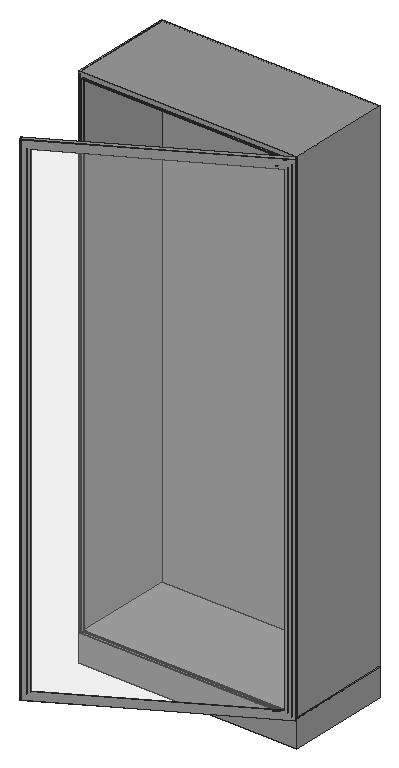
Revit family "Hager-Univers-IP55-D400-H1950-Cl.I-Steel_encl-NoHosted-CH-fr", category Electrical Equipment, Revit 2020
Family settings
  Panel Configuration = Two Columns, Circuits Across
  Round Connector Dimension = Use Diameter
  Part Type = Panelboard
  Work Plane-Based = Yes
  Always vertical = Yes
  Cut with Voids When Loaded = No
  Shared = No
  Room Calculation Point = No
Parameters (values of type "installation au sol IP55 L800 H1950 P400  - FR23V1")
  Width Control [instance] = if([EF000008 - largeur] > Min Width, [EF000008 - largeur], Min Width)  # 800 mm
  Type Comments = [HG000003 - Gamme]  # "Univers"
  Thickness Door [instance] = if([EF009171 - épaisseur de matériau de la porte/du couvercle] > 3 mm, 3 mm, [EF009171 - épaisseur de matériau de la porte/du couvercle])  # 1.5 mm
  Seal Frame Offset [instance] = 17 mm  # constant formula
  Plinth Visibility [instance] = [HG000027 - Hauteur du socle] > 0 mm  # yes
  Min Width [instance] = 100 mm  # constant formula
  Min Depth [instance] = (2 * [EF009170 - épaisseur de matériau du boîtier]) + 1 mm  # 4 mm
  Min Height [instance] = 100 mm  # constant formula
  Internal Frame Depth [instance] = (Door System Depth * 0.5)  # 9 mm
  Panel Name [instance] = ""  # (empty or 0)
  Model = ""
  HG000027 - Hauteur du socle = 100 mm
  HG000026 - Installation au sol = yes
  HG000024 - Hauteur de la section basse = 600 mm
  HG000023 - Armoire double section = no
  HG000016 - Visibilité de la porte 3D [instance] = yes
  HG000015 - Visibilité de l'emprise de la porte [instance] = no
  HG000014 - Porte à droite [instance] = yes
  HG000013 - Porte à gauche [instance] = not([HG000014 - Porte à droite])  # no
  HG000012 - Angle de pivotement de la porte [instance] = 30.00°
  HG000010 - Portes asymétriques = no
  HG000009 - Porte à double battant = no
  HG000006 - Encastré = no
  HG000004 - Référence fabricant = "FR23V1"
  HG000003 - Gamme = "Univers"
  HG000002 - avec porte = yes
  Frame Offset Bottom [instance] = 10 mm  # constant formula
  Frame Offset [instance] = 15 mm  # constant formula
  EF015940 - couvercle avec décharge de pression = no
  EF011959 - degré de protection (NEMA) = ""
  EF009554 - nombre d'ouvertures pour plaques à bride = 6
  EF009212 - finition du couvercle = "EV000116 - fermé"
  EF009171 - épaisseur de matériau de la porte/du couvercle = 1.5 mm
  EF009170 - épaisseur de matériau du boîtier = 1.5 mm
  EF008873 - courant nominal (In) = 800 A
  EF007800 - adapté à un parafoudre = no
  EF006306 - avec serrure = no
  EF006244 - couvercle/porte transparent(e) = yes
  EF005474 - indice de protection (IP) = "EV006420 - IP55"
  EF004464 - type de porte = "EV002646 - unique"
  EF004427 - nombre de modules = 432
  EF004293 - indice de protection contre les chocs (IK) = "EV008784 - IK10"
  EF003532 - convient pour utilisation à l’extérieur = no
  EF002950 - largeur en nombre de modules = 24
  EF001613 - maintien de fonction = "EV000494 - sans"
  EF001596 - matériau du boîtier/corps = "EV000179 - acier"
  EF001131 - profondeur intérieure = 400 mm
  EF001088 - possibilité de montage en saillie = yes
  EF000437 - nombre d'entrées de conduit = 6
  EF000339 - type de capot = "EV004216 - porte"
  EF000266 - nombre de rangées = 12
  EF000218 - profondeur d'encastrement = 0 mm
  EF000118 - avec cadre/support de montage = no
  EF000116 - numéro RAL = "7035"
  EF000049 - profondeur = 400 mm
  EF000040 - hauteur = 1950 mm
  EF000008 - largeur = 800 mm
  EF000007 - couleur = "EV000270 - gris"
  EF000003 - mode de pose = "EV012274 - installation au sol"
  Door System Leaf Tolerance [instance] = 1.5 mm  # constant formula
  Door System Depth [instance] = 18 mm  # constant formula
  Door Height [instance] = Height Control - [HG000027 - Hauteur du socle]  # 1850 mm
  Description = ""
  Default Elevation = 1219.2 mm
  Connector Offset [instance] = Height Control / 2  # 975 mm
  Manufacturer = "Hager"  # constant formula
  Height Control [instance] = if([EF000040 - hauteur] > Min Height, [EF000040 - hauteur], Min Height)  # 1950 mm
  Depth Control [instance] = if([EF000049 - profondeur] > Min Depth, [EF000049 - profondeur], Min Depth)  # 400 mm
  Bottom Top Plate Trim [instance] = 1.5 mm  # constant formula
  Plinth height Ctrl [instance] = if([HG000027 - Hauteur du socle] > 0 mm, [HG000027 - Hauteur du socle], 12 mm)  # 100 mm
Types (11, lengths in mm): name | Width Control | HG000010 - Portes asymétriques | HG000009 - Porte à double battant | HG000004 - Référence fabricant | EF009554 - nombre d'ouvertures pour plaques à bride | EF006244 - couvercle/porte transparent(e) | EF004464 - type de porte | EF004427 - nombre de modules | EF000437 - nombre d'entrées de conduit | EF000008 - largeur
  installation au sol IP55 L1050 H1950 P400  - FR24G1 | 1050 | yes | yes | "FR24G1" | 8 | no | "EV003602 - double" | 576 | 8 | 1050
  installation au sol IP55 L1050 H1950 P400  - FR24V1 | 1050 | yes | yes | "FR24V1" | 8 | yes | "EV003602 - double" | 576 | 8 | 1050
  installation au sol IP55 L1300 H1950 P400  - FR25G1 | 1300 | yes | yes | "FR25G1" | 10 | no | "EV003602 - double" | 720 | 10 | 1300
  installation au sol IP55 L1300 H1950 P400  - FR25V1 | 1300 | yes | yes | "FR25V1" | 10 | yes | "EV003602 - double" | 720 | 10 | 1300
  installation au sol IP55 L1550 H1950 P400  - FR26G1 | 1550 | yes | yes | "FR26G1" | 12 | no | "EV003602 - double" | 864 | 12 | 1550
  installation au sol IP55 L1550 H1950 P400  - FR26V1 | 1550 | yes | yes | "FR26V1" | 12 | yes | "EV003602 - double" | 864 | 12 | 1550
  installation au sol IP55 L300 H1950 P400  - FR21G1 | 300 | no | no | "FR21G1" | 2 | no | "EV002646 - unique" | 144 | 2 | 300
  installation au sol IP55 L550 H1950 P400  - FR22G1 | 550 | no | no | "FR22G1" | 4 | no | "EV002646 - unique" | 288 | 4 | 550
  installation au sol IP55 L550 H1950 P400  - FR22V1 | 550 | no | no | "FR22V1" | 4 | yes | "EV002646 - unique" | 288 | 4 | 550
  installation au sol IP55 L800 H1950 P400  - FR23G1 | 800 | no | no | "FR23G1" | 6 | no | "EV002646 - unique" | 432 | 6 | 800
  installation au sol IP55 L800 H1950 P400  - FR23V1 | 800 | no | no | "FR23V1" | 6 | yes | "EV002646 - unique" | 432 | 6 | 800
Reference planes
  plane 1 "Center (Front/Back)": y = 0
  plane 2: z = 0
  plane 3 "Center (Left/Right)": x = 0
  plane 4: y = 0
  plane 5: y = 0
  plane 6: z = 0
  plane 7: x = -400
  plane 8: x = 400
  plane 9: x = 398.5
  plane 10: x = -398.5
  plane 11: z = 100
  plane 12: z = 101.5
  plane 13: y = -400
  plane 14: y = -1.5
  plane 15: x = 0
  plane 16: y = -382
  plane 17: y = -398.5
  plane 18: y = -380.5
  plane 19: x = -383.5
  plane 20: x = 383.5
  plane 21: z = 111.5
  plane 22: x = -383
  plane 23: x = 383
  plane 24: z = 100
  plane 25: z = 1950
  plane 26: z = 1950
  plane 27: z = 1933.5
  plane 28: z = 1948.5
Forms (mm)
  Extrusion 1, solid, material "Hager_Steel_RAL7035_Light_Grey", detail levels medium+fine
    sketch origin (-208.679, -4572, 100) x (-1, 0, 0) y (0, -1, 0)
      loop
        line (191.321, -4190) -> (-608.679, -4190) -> (-608.679, -4572) -> (191.321, -4572) -> (191.321, -4190)
    from 0 to 1850
  Extrusion 2, void
    sketch origin (-350.771, -400, 1219.2) x (1, 0, 0) y (0, 0, 1)
      loop
        line (-47.729, 729.3) -> (-47.729, -1117.7) -> (749.271, -1117.7) -> (749.271, 729.3) -> (-47.729, 729.3)
    from -19.5 to -398.5
  Extrusion 3, void
    sketch origin (-290.084, -382, 1219.2) x (1, 0, 0) y (0, 0, 1)
      loop
        line (-93.416, -1107.7) -> (673.584, -1107.7) -> (673.584, 714.3) -> (-93.416, 714.3) -> (-93.416, -1107.7)
    from 0 to -1.5
  Extrusion 4, solid, material "Hager_Steel_RAL7035_Light_Grey", visible <- "Plinth Visibility", detail levels medium+fine
    sketch origin (0, 0, 0) x (1, 0, 0) y (0, 1, 0)
      loop
        line (-400, 0) -> (-400, -382) -> (400, -382) -> (400, 0) -> (-400, 0)
    from 0 to 100 <- "Plinth height Ctrl"
  Extrusion 5, solid, material "Hager_Steel_RAL7035_Light_Grey", detail levels coarse
    sketch origin (0, 0, 0) x (1, 0, 0) y (0, 1, 0)
      loop
        line (-400, 0) -> (-400, -400) -> (400, -400) -> (400, 0) -> (-400, 0)
    from 0 to 1950 <- "Height Control"
  Sweep 6, void
    path in 3D
      loop
        line (-400, -382, 100) -> (400, -382, 100) -> (400, 0, 100) -> (-400, 0, 100) -> (-400, -382, 100)
    profile origin (-400, -191, 100) x (1, 0, 0) y (0, 0, 1)
      loop
        line (0, 0) -> (0, -1.5) -> (1.5, -1.5)
        arc (1.5, -1.5) -> (1.061, -0.439) -> (0, 0) r 1.5
  Extrusion 7, solid, material "Hager_Steel_RAL7035_Light_Grey", detail levels fine
    sketch origin (-400, -382, 100) x (1, 0, 0) y (0, 0, 1)
      loop
        line (16.5, 11.5) -> (783.5, 11.5) -> (783.5, 1833.5) -> (16.5, 1833.5) -> (16.5, 11.5)
      loop
        line (15, 10) -> (785, 10) -> (785, 1835) -> (15, 1835) -> (15, 10)
    from 0 to 9 <- "Internal Frame Depth"
Cuts and joins
  Extrusion 2, Extrusion 3 cuts Extrusion 1
  Sweep 6 cuts Extrusion 4
Lines and regions (mm)
  Masking region 1
    outline origin (0, 0, 0) x (1, 0, 0) y (0, 1, 0)
      loop
        line (-400, 0) -> (-400, -400) -> (400, -400) -> (400, 0) -> (-400, 0)
  Masking region 2, detail levels coarse
    outline origin (-290.084, -382, 1219.2) x (-1, 0, 0) y (0, 0, 1)
      loop
        line (-690.084, -1219.2) -> (109.916, -1219.2) -> (109.916, 730.8) -> (-690.084, 730.8) -> (-690.084, -1219.2)
  Masking region 3, detail levels coarse
    outline origin (0, 0, 0) x (0, 1, 0) y (0, 0, 1)
      loop
        line (0, 0) -> (0, 1950) -> (-400, 1950) -> (-400, 0) -> (0, 0)
  Masking region 4, visible <- "Plinth Visibility", detail levels medium+fine
    outline origin (0, 0, 0) x (0, 1, 0) y (0, 0, 1)
      loop
        line (-1.5, 100) -> (-380.5, 100)
        arc (-380.5, 100) -> (-380.939, 98.939) -> (-382, 98.5) r 1.5
        line (-382, 98.5) -> (-382, 0) -> (0, 0) -> (0, 98.5)
        arc (0, 98.5) -> (-1.061, 98.939) -> (-1.5, 100) r 1.5
  Masking region 5, detail levels medium+fine
    outline origin (0, 0, 594.038) x (0, 1, 0) y (0, 0, 1)
      loop
        line (0, -494.038) -> (0, 1355.962) -> (-382, 1355.962) -> (-382, -494.038) -> (0, -494.038)
  Masking region 6, detail levels medium+fine
    outline origin (-359.7, -382, 1211.883) x (-1, 0, 0) y (0, 0, 1)
      loop
        line (-759.7, -1111.883) -> (40.3, -1111.883) -> (40.3, 738.117) -> (-759.7, 738.117) -> (-759.7, -1111.883)
  Masking region 7, visible <- "Plinth Visibility", detail levels medium+fine
    outline origin (-320.334, -382, 1041.368) x (-1, 0, 0) y (0, 0, 1)
      loop
        line (-720.334, -1041.368) -> (79.666, -1041.368) -> (79.666, -942.868)
        arc (79.666, -942.868) -> (78.606, -942.429) -> (78.166, -941.368) r 1.5
        line (78.166, -941.368) -> (-718.834, -941.368)
        arc (-718.834, -941.368) -> (-719.273, -942.429) -> (-720.334, -942.868) r 1.5
        line (-720.334, -942.868) -> (-720.334, -1041.368)
  sketch lines
    curve 1: line (-400, 0, 100) -> (-400, -382, 100)
    curve 2: line (-400, -382, 100) -> (400, -382, 100)
    curve 3: line (400, 0, 100) -> (-400, 0, 100)
    curve 4: line (400, -382, 100) -> (400, 0, 100)
Dimensions and locks
  locked: plane 1 "Center (Front/Back)" to plane 5
  "EF009170 - épaisseur de matériau du boîtier": plane 7 to plane 10
  "EF009170 - épaisseur de matériau du boîtier": plane 8 to plane 9
  equal spacing: plane 7, plane 3 "Center (Left/Right)", plane 8
  "Width Control": plane 7 to plane 8
  "Depth Control": plane 4 to plane 13
  "EF009170 - épaisseur de matériau du boîtier": plane 4 to plane 14
  "Height Control": plane 25 to level
  "HG000027 - Hauteur du socle": plane 11 to level
  "EF009170 - épaisseur de matériau du boîtier": plane 12 to plane 11
  "EF009170 - épaisseur de matériau du boîtier": plane 17 to plane 13
  "EF009170 - épaisseur de matériau du boîtier": plane 18 to plane 16
  "Frame Offset Bottom": plane 21 to plane 12
  "Frame Offset": plane 10 to plane 19
  "Frame Offset": plane 9 to plane 20
  "Door System Depth": plane 16 to plane 13
  "Seal Frame Offset": plane 7 to plane 22
  "Seal Frame Offset": plane 8 to plane 23
  "EF009170 - épaisseur de matériau du boîtier": plane 26 to plane 28
  "Frame Offset": plane 28 to plane 27
  "Connector Offset": plane 2 to connector elem
  "Bottom Top Plate Trim": profile plane to Sweep 6 sketch curve
  "Bottom Top Plate Trim": Sweep 6 sketch curve to Sweep 6 sketch curve
  "Plinth height Ctrl": Masking region 4 sketch curve to level
  "Plinth height Ctrl": Masking region 7 sketch curve to level
  "Thickness Door": Extrusion 7 sketch curve to Extrusion 7 sketch curve  (x4)
  "Bottom Top Plate Trim": radius of Sweep 6 sketch curve
  "Bottom Top Plate Trim": radius of Masking region 4 sketch curve  (x2)
  "Bottom Top Plate Trim": radius of Masking region 7 sketch curve  (x2)
  aligned and locked: Extrusion 2 sketch curve to plane 12
  aligned and locked: Extrusion 2 sketch curve to plane 9
  aligned and locked: Extrusion 2 sketch curve to plane 10
  aligned and locked: Extrusion 2 to plane 14
  aligned and locked: Extrusion 1 sketch curve to plane 4
  aligned and locked: plane 8 to Extrusion 1 sketch curve
  aligned and locked: plane 7 to Extrusion 1 sketch curve
  aligned and locked: Extrusion 2 to plane 18
  aligned and locked: Extrusion 3 sketch curve to plane 19
  aligned and locked: plane 20 to Extrusion 3 sketch curve
  aligned and locked: Extrusion 3 to Extrusion 2
  aligned and locked: Extrusion 3 sketch curve to plane 21
  aligned and locked: plane 3 "Center (Left/Right)" to nested 1
  aligned and locked: Extrusion 1 sketch curve to plane 16
  aligned and locked: Extrusion 4 sketch curve to cut or joined group of Extrusion 1, Extrusion 2, Extrusion 3
  aligned and locked: Masking region 1 sketch curve to plane 7
  aligned and locked: Masking region 1 sketch curve to plane 5
  aligned and locked: Masking region 1 sketch curve to plane 8
  aligned and locked: Masking region 2 sketch curve to level
  aligned and locked: level to Masking region 3 sketch curve
  aligned and locked: plane 1 "Center (Front/Back)" to Masking region 3 sketch curve
  aligned and locked: plane 13 to Masking region 3 sketch curve
  aligned and locked: plane 5 to Masking region 4 sketch curve
  aligned and locked: Masking region 2 sketch curve to plane 8
  aligned and locked: Masking region 2 sketch curve to plane 7
  aligned and locked: plane 7 to nested 2
  aligned and locked: nested 2 to plane 5
  aligned and locked: plane 5 to Masking region 5 sketch curve
  aligned and locked: plane 26 to Masking region 5 sketch curve
  aligned and locked: Extrusion 5 sketch curve to plane 8
  aligned and locked: Extrusion 5 sketch curve to plane 7
  aligned and locked: Extrusion 5 sketch curve to plane 5
  aligned and locked: Extrusion 3 sketch curve to plane 27
  aligned and locked: Extrusion 2 sketch curve to plane 28
  aligned and locked: Masking region 2 to plane 25
  aligned and locked: Extrusion 4 to plane 16
  aligned and locked: profile plane to Sweep 6 sketch curve
  aligned and locked: Masking region 5 sketch curve to plane 24
  aligned and locked: level to Masking region 4 sketch curve
  aligned and locked: Masking region 1 to plane 13
  aligned and locked: nested 1 to plane 16
  aligned and locked: Masking region 3 to plane 25
  aligned and locked: plane 16 to Masking region 4 sketch curve
  aligned and locked: Masking region 5 sketch curve to plane 16
  aligned and locked: plane 24 to plane 11
  aligned and locked: plane 26 to plane 25
  aligned and locked: plane 26 to cut or joined group of Extrusion 1, Extrusion 2, Extrusion 3
  aligned and locked: nested 1 to plane 24
  aligned and locked: Extrusion 1 to Extrusion 3
  aligned and locked: Masking region 6 sketch curve to plane 8
  aligned and locked: Masking region 6 sketch curve to plane 24
  aligned and locked: Masking region 6 sketch curve to plane 7
  aligned and locked: Masking region 6 sketch curve to plane 26
  aligned and locked: Masking region 7 sketch curve to plane 7
  aligned and locked: level to Masking region 7 sketch curve
  aligned and locked: Masking region 7 sketch curve to plane 8
  aligned and locked: Extrusion 7 sketch curve to cut or joined group of Extrusion 1, Extrusion 2, Extrusion 3  (x4)
Automatic sketch dimensions
  plane 19 to Extrusion 3 sketch curve = 0 mm
  Extrusion 3 sketch curve to plane 20 = 0 mm
  Extrusion 3 sketch curve to plane 21 = 0 mm
  Extrusion 4 sketch curve to plane 7 = 0 mm
  Extrusion 4 sketch curve to plane 8 = 0 mm
  Extrusion 4 sketch curve to plane 16 = 0 mm
  Masking region 1 sketch curve to plane 13 = 0 mm
  Masking region 2 sketch curve to plane 25 = 0 mm
  Masking region 3 sketch curve to plane 25 = 0 mm
  Extrusion 5 sketch curve to plane 13 = 0 mm
  profile plane to Sweep 6 sketch curve = 0 mm
Nested families
  nested 1: "EC000058_Univers_Door" at (0, -382, 100), Double <- "HG000009 - Porte à double battant", Transparent <- "EF006244 - couvercle/porte transparent(e)", Angle <- "HG000012 - Angle de pivotement de la porte", Door_Right <- "HG000014 - Porte à droite", Assymetrical <- "HG000010 - Portes asymétriques", Door <- "HG000002 - avec porte", Width_Ctrl <- "Width Control", 3d_Door <- "HG000016 - Visibilité de la porte 3D", Clearance <- "HG000015 - Visibilité de l'emprise de la porte", Door_Left <- "HG000013 - Porte à gauche", Width <- "Width Control", Door_Depth <- "Door System Depth", Leaf_Tolerance <- "Door System Leaf Tolerance", Height <- "Door Height", Lock_Visibility <- "EF006306 - avec serrure", Thickness <- "Thickness Door", type "EC000058_Univers_Door", detail levels medium+fine
    with min_wh 4 mm, Width_Ctrl 800 mm, Width 800 mm, Transparent yes, Thickness 1.5 mm, Seal_Material Hager_Rubber, Lock_Visibility no, Lock_Material Hager_Plastic_RAL9005_Jet_Black, Leaf_Width 800 mm, Leaf_Tolerance_External_Sides 0 mm, Leaf_Tolerance 1.5 mm, Leaf_Offset 0 mm, Leaf_Height 1847 mm, Leaf_2_Width 800 mm, Leaf_2_Offset 400 mm, Leaf_1_Width 800 mm, Leaf_1_Offset 400 mm, Height_Ctrl 1850 mm, Height 1850 mm, Glass_Material Hager_Glass, Double_Clearance_Ctrl no, Double no, Door_Right_Ctrl yes, Door_Right yes, Door_Material Hager_Steel_RAL7035_Light_Grey, Door_Left_Ctrl no, Door_Left no, Door_Depth 18 mm, Door yes, Clearance_Material Hager_Clearance, Clearance_Depth 800 mm, Clearance_Ctrl no, Clearance no, Assymetrical no, Angle 30.00°, 3d_Door yes
  nested 2: "Hager_Enclosure_Symbol" at (-400, 0, 0), Height <- "Depth Control", Width <- "Width Control", type "Hager_Enclosure_Symbol"
    with Width_Ctrl 800 mm, Width 800 mm, Height_Ctrl 400 mm, Height 400 mm, A_Width_Int 26.25 mm, A_Width 315 mm, A_Height_Ctrl 350 mm, A_Height 350 mm
Connectors
  electrical at (0, 0, 975)
    settings: on plane 1 "Center (Front/Back)", index 1, voltage 0 V, apparent load 0 VA, apparent load phase1 0 VA, apparent load phase2 0 VA, apparent load phase3 0 VA, power factor 1, load classification "Other", number of poles 1, system type 30, power factor state 1, is connector primary yes, connector utility no, sub classification motor no, connector description ""
Definition of nested family "EC000058_Univers_Door"
  Parameters (values of type "EC000058_Univers_Door")
    min_wh [instance] = (2 * Thickness) + 1 mm  # 11 mm
    Width_Ctrl [instance] = 400 mm
    Width [instance] = 500 mm
    Transparent [instance] = yes
    Thickness [instance] = 5 mm
    Seal_Material [instance] = none
    Lock_Visibility [instance] = yes
    Lock_Material [instance] = none
    Leaf_Width [instance] = if((Width_Ctrl - 2 * Leaf_Tolerance_External_Sides) > 0 mm, (Width_Ctrl - 2 * Leaf_Tolerance_External_Sides), min_wh)  # 400 mm
    Leaf_Tolerance_External_Sides [instance] = 0 mm  # constant formula
    Leaf_Tolerance [instance] = 1.5 mm
    Leaf_Offset [instance] = 0 mm  # constant formula
    Leaf_Height [instance] = if((Height_Ctrl - 2 * Leaf_Tolerance) > 0 mm, (Height_Ctrl - 2 * Leaf_Tolerance), min_wh)  # 497 mm
    Leaf_2_Width [instance] = if(and(and(Double, Assymetrical), Door_Left), (Leaf_Width / 3) - (Leaf_Tolerance / 2), if(and(and(Double, Assymetrical), Door_Right), (Leaf_Width / 3) * 2 - (Leaf_Tolerance / 2), if(and(Double, not(Assymetrical)), (Leaf_Width / 2) - Leaf_Tolerance, Leaf_Width)))  # 400 mm
    Leaf_2_Offset [instance] = if(and(Double, Assymetrical), Leaf_2_Width / 2, if(and(Double, not(Assymetrical)), Leaf_Width / 4, Leaf_Width / 2))  # 200 mm
    Leaf_1_Width [instance] = if(and(and(Double, Assymetrical), Door_Right), (Leaf_Width / 3) - (Leaf_Tolerance / 2), if(and(and(Double, Assymetrical), Door_Left), (Width / 3) * 2 - (Leaf_Tolerance / 2), if(and(Double, not(Assymetrical)), (Leaf_Width / 2) - Leaf_Tolerance, Leaf_Width)))  # 400 mm
    Leaf_1_Offset [instance] = if(and(Double, Assymetrical), Leaf_1_Width / 2, if(and(Double, not(Assymetrical)), Leaf_Width / 4, Leaf_Width / 2))  # 200 mm
    Height_Ctrl [instance] = if(Height > min_wh, Height, min_wh)  # 500 mm
    Height [instance] = 500 mm
    Glass_Material [instance] = none
    Double_Clearance_Ctrl [instance] = and(Double, Clearance)  # no
    Double [instance] = no
    Door_Right_Ctrl [instance] = and(or(Door_Right, Double), Door)  # yes
    Door_Right [instance] = yes
    Door_Material [instance] = none
    Door_Left_Ctrl [instance] = and(or(Door_Left, Double), Door)  # no
    Door_Left [instance] = no
    Door_Depth [instance] = 30 mm
    Door [instance] = yes
    Default Elevation = 1219.2 mm
    Clearance_Material [instance] = none
    Clearance_Depth [instance] = if(Leaf_1_Width > Leaf_2_Width, Leaf_1_Width, Leaf_2_Width)  # 400 mm
    Clearance_Ctrl [instance] = and(not(Double), Clearance)  # yes
    Clearance [instance] = yes
    Assymetrical [instance] = yes
    Angle [instance] = 30.00°
    3d_Door [instance] = yes
  Reference planes
    plane 1 "Center (Front/Back)": y = 0
    plane 2 "Bottom": z = 0
    plane 3 "Center (Left/Right)": x = 0
    plane 4: z = 500
    plane 5: x = -200
    plane 6: x = 200
    plane 7: z = 500
    plane 8: x = -200
    plane 9: z = 0
    plane 10: x = 200
    plane 11: y = 0
    plane 12: z = 1.5
    plane 13: x = -600
    plane 14: y = -400
    plane 15: x = 600
    plane 16: x = 0
    plane 17: x = 0
    plane 18: x = -200
    plane 19: x = 200
    plane 20: z = 498.5
  Forms (mm)
    Extrusion 1, solid, material <- "Clearance_Material", visible <- "Double_Clearance_Ctrl"
      sketch origin (1200, 0, 0) x (1, 0, 0) y (0, 0, -1)
        loop
          line (-1800, -498.5) -> (-600, -498.5) -> (-600, 0) -> (-1800, 0) -> (-1800, -498.5)
      from 0 to -400
  Dimensions and locks
    equal spacing: plane 5, plane 3 "Center (Left/Right)", plane 6
    "Width_Ctrl": plane 5 to plane 6
    "Leaf_Offset": plane 5 to plane 8
    "Leaf_Offset": plane 6 to plane 10
    "Leaf_Offset": plane 9 to level
    "Leaf_Offset": plane 4 to plane 7
    "Height_Ctrl": plane 4 to level
    "Leaf_Tolerance": plane 12 to plane 9
    locked: plane 11 to plane 1 "Center (Front/Back)"
    "Leaf_1_Offset": plane 18 to plane 16
    "Leaf_2_Offset": plane 17 to plane 19
    "Leaf_1_Width": plane 13 to plane 8
    "Leaf_2_Width": plane 10 to plane 15
    "Clearance_Depth": plane 14 to plane 1 "Center (Front/Back)"
    "Leaf_Tolerance_External_Sides": plane 8 to plane 18
    "Leaf_Tolerance_External_Sides": plane 19 to plane 10
    "Leaf_Tolerance": plane 7 to plane 20
    aligned and locked: level to plane 2 "Bottom"
    aligned and locked: nested 1 to plane 16
    aligned and locked: nested 2 to plane 17
    aligned and locked: Extrusion 1 to plane 13
    aligned and locked: plane 15 to Extrusion 1
    aligned and locked: Extrusion 1 to plane 14
    aligned and locked: plane 12 to nested 1
    aligned and locked: nested 2 to plane 12
    aligned and locked: Extrusion 1 to plane 11
    aligned and locked: plane 20 to Extrusion 1
    aligned and locked: nested 2 to plane 11
    aligned and locked: nested 1 to plane 11
  Automatic sketch dimensions
    Extrusion 1 sketch curve to level = 0 mm
    plane 5 to Extrusion 1 sketch curve = 400 mm
    plane 6 to Extrusion 1 sketch curve = 400 mm
    Extrusion 1 sketch curve to plane 4 = 1.5 mm
  Nested families
    nested 1: "EC000058_Univers_Door_Leaf" at (0, 0, 1.5), Width <- "Leaf_1_Width", visible <- "Door_Left_Ctrl", Leaf_Height <- "Leaf_Height", Angle <- "Angle", 3d_Door <- "3d_Door", Transparent <- "Transparent", Clearance Material <- "Clearance_Material", Clearance <- "Clearance_Ctrl", Door_Material <- "Door_Material", Glass_Material <- "Glass_Material", Door_Depth <- "Door_Depth", Lock_Material <- "Lock_Material", Seal_Material <- "Seal_Material", Lock_Visibility <- "Lock_Visibility", Thickness <- "Thickness", type "EC000058_Univers_Door_Leaf"
      with Width 400 mm, Transparent_Glass_Offset 30 mm, Transparent_Ctrl yes, Transparent yes, Thickness 5 mm, Standard no, Seal_Material none, Seal_D2 8 mm, Seal_D1 1 mm, Offset_Internal_Frame 10 mm, Lock_Width 20 mm, Lock_Visibility_3d yes, Lock_Visibility yes, Lock_Thickness_3 3 mm, Lock_Thickness_2 1 mm, Lock_Thickness_1 3 mm, Lock_Radius_Offset_2 16 mm, Lock_Radius_Offset_1 15 mm, Lock_Radius_2 5 mm, Lock_Radius 6 mm, Lock_Offset 5 mm, Lock_Material none, Lock_Height 80 mm, Lock_Cover_Top_Offset_2d 17 mm, Lock_Cover_Height -65 mm, Leaf_Height 497 mm, Internal_Seal_Thickness 8 mm, Internal_Seal_Depth_2 4.5 mm, Internal_Frame_Depth 25 mm, Glass_Thickness -1 mm, Glass_Offset -2 mm, Glass_Material none, Door_Material none, Door_Depth 30 mm, Clearance Material none, Clearance yes, Angle_Ctrl 30.00°, Angle 30.00°, 3d_Door yes
    nested 2: "EC000058_Univers_Door_Leaf" at (0, 0, 1.5) x (-1, 0, 0) z (0, 0, 1), Width <- "Leaf_2_Width", visible <- "Door_Right_Ctrl", Leaf_Height <- "Leaf_Height", Angle <- "Angle", 3d_Door <- "3d_Door", Transparent <- "Transparent", Clearance Material <- "Clearance_Material", Clearance <- "Clearance_Ctrl", Door_Material <- "Door_Material", Glass_Material <- "Glass_Material", Door_Depth <- "Door_Depth", Lock_Material <- "Lock_Material", Seal_Material <- "Seal_Material", Lock_Visibility <- "Lock_Visibility", Thickness <- "Thickness", type "EC000058_Univers_Door_Leaf"
      with Width 400 mm, Transparent_Glass_Offset 30 mm, Transparent_Ctrl yes, Transparent yes, Thickness 5 mm, Standard no, Seal_Material none, Seal_D2 8 mm, Seal_D1 1 mm, Offset_Internal_Frame 10 mm, Lock_Width 20 mm, Lock_Visibility_3d yes, Lock_Visibility yes, Lock_Thickness_3 3 mm, Lock_Thickness_2 1 mm, Lock_Thickness_1 3 mm, Lock_Radius_Offset_2 16 mm, Lock_Radius_Offset_1 15 mm, Lock_Radius_2 5 mm, Lock_Radius 6 mm, Lock_Offset 5 mm, Lock_Material none, Lock_Height 80 mm, Lock_Cover_Top_Offset_2d 17 mm, Lock_Cover_Height -65 mm, Leaf_Height 497 mm, Internal_Seal_Thickness 8 mm, Internal_Seal_Depth_2 4.5 mm, Internal_Frame_Depth 25 mm, Glass_Thickness -1 mm, Glass_Offset -2 mm, Glass_Material none, Door_Material none, Door_Depth 30 mm, Clearance Material none, Clearance yes, Angle_Ctrl 30.00°, Angle 30.00°, 3d_Door yes
  Definition of nested family "EC000058_Univers_Door_Leaf"
    Parameters (values of type "EC000058_Univers_Door_Leaf")
      Width [instance] = 2000 mm
      Transparent_Glass_Offset [instance] = 30 mm
      Transparent_Ctrl [instance] = and(Transparent, [3d_Door])  # yes
      Transparent [instance] = yes
      Thickness [instance] = 5 mm
      Standard [instance] = and(not(Transparent), [3d_Door])  # no
      Seal_Material [instance] = none
      Seal_D2 [instance] = 8 mm  # constant formula
      Seal_D1 [instance] = 1 mm  # constant formula
      Offset_Internal_Frame [instance] = 10 mm  # constant formula
      Lock_Width [instance] = 20 mm  # constant formula
      Lock_Visibility_3d [instance] = and(Lock_Visibility, [3d_Door])  # yes
      Lock_Visibility [instance] = yes
      Lock_Thickness_3 [instance] = 3 mm  # constant formula
      Lock_Thickness_2 [instance] = 1 mm  # constant formula
      Lock_Thickness_1 [instance] = 3 mm  # constant formula
      Lock_Radius_Offset_2 [instance] = Lock_Radius_Offset_1 + 1 mm  # 16 mm
      Lock_Radius_Offset_1 [instance] = 15 mm  # constant formula
      Lock_Radius_2 [instance] = Lock_Radius - 1 mm  # 5 mm
      Lock_Radius [instance] = 6 mm  # constant formula
      Lock_Offset [instance] = 5 mm  # constant formula
      Lock_Material [instance] = none
      Lock_Height [instance] = 80 mm  # constant formula
      Lock_Cover_Top_Offset_2d [instance] = Lock_Radius_Offset_2 + 1 mm  # 17 mm
      Lock_Cover_Height [instance] = -(Lock_Height - Lock_Radius_Offset_1)  # -65 mm
      Leaf_Height [instance] = 2720.336 mm
      Internal_Seal_Thickness [instance] = 8 mm  # constant formula
      Internal_Seal_Depth_2 [instance] = 4.5 mm  # constant formula
      Internal_Frame_Depth [instance] = if(Door_Depth - Thickness > 5 mm, Door_Depth - Thickness, 5 mm)  # 25 mm
      Glass_Thickness [instance] = if(Thickness > 15 mm, Glass_Offset + 10 mm, -1 mm)  # -1 mm
      Glass_Offset [instance] = if(Thickness > 15 mm, -(Thickness + 10 mm) / 2, -2 mm)  # -2 mm
      Glass_Material [instance] = none
      Door_Material [instance] = none
      Door_Depth [instance] = 30 mm
      Default Elevation = 0 mm
      Clearance Material [instance] = none
      Clearance [instance] = yes
      Angle_Ctrl [instance] = if(Angle > 180.00°, 180.00°, Angle)  # 90.00°
      Angle [instance] = 90.00°
      3d_Door [instance] = yes
    Reference planes
      plane 1 "Center (Front/Back)": y = 0
      plane 2: z = 0
      plane 3 "Center (Left/Right)": x = 0
      plane 4: y = 2000
      plane 5: x = -1000
      plane 6: x = 1000
      plane 7: x = -3000
      plane 8: z = 2720.336
      plane 9: z = 30
      plane 10: z = 2690.336
      plane 11: x = 970
      plane 12: x = -970
      plane 13: y = -3
      plane 14: z = 107.833
      plane 15: y = -5
      plane 16: y = -223.314
      plane 17: x = -1000
      plane 18: z = 1360.168
      plane 19: y = 30
    Forms (mm)
      Extrusion 1, solid, material <- "Clearance Material", visible <- "Clearance"
        sketch origin (0, 0, 0) x (1, 0, 0) y (0, 0, 1)
          loop
            line (-3000, 2720.336) -> (-3000, 0) -> (1000, 0) -> (1000, 2720.336) -> (-3000, 2720.336)
        from 0 to -2000
      Extrusion 2, solid, material <- "Door_Material", visible <- "Standard", detail levels medium+fine
        sketch origin (-1000, 0, 0) x (0, 1, 0) y (-1, 0, 0)
          loop
            line (0, 30) -> (0, 25) -> (2000, 25) -> (2000, 30) -> (0, 30)
        from 0 to 2720.336 <- "Leaf_Height"
      Extrusion 3, solid, material <- "Door_Material", visible <- "Transparent_Ctrl", detail levels medium+fine
        sketch origin (-1000, 0, 0) x (0, 1, 0) y (-1, 0, 0)
          loop
            line (0, 25) -> (2000, 25) -> (2000, 30) -> (0, 30) -> (0, 25)
        from 0 to 2720.336 <- "Leaf_Height"
      Extrusion 4, void
        sketch origin (-1025, 2000, 0) x (0, 1, 0) y (0, 0, -1)
          loop
            line (-30, -2690.336) -> (-30, -30) -> (-1970, -30) -> (-1970, -2690.336) -> (-30, -2690.336)
        from 0 to 5 <- "Thickness"
      Sweep 5, solid, material <- "Seal_Material", visible <- "Transparent_Ctrl", detail levels fine
        path in 3D
          loop
            line (-1025, 30, 30) -> (-1025, 30, 2690.336) -> (-1025, 1970, 2690.336) -> (-1025, 1970, 30) -> (-1025, 30, 30)
        profile origin (-1025, 1000, 30) x (1, 0, 0) y (0, 0, 1)
          loop
            line (0, 0) -> (0, -8) -> (1, -8) -> (1, 0) -> (0, 0)
      Extrusion 6, solid, material <- "Glass_Material", visible <- "Transparent_Ctrl", detail levels medium+fine
        sketch origin (-1030, 0, 0) x (0, 1, 0) y (0, 0, -1)
          loop
            line (1970, -2690.336) -> (1970, -30) -> (30, -30) -> (30, -2690.336) -> (1970, -2690.336)
        from -2 <- "Glass_Offset" to -1 <- "Glass_Thickness"
      Extrusion 7, solid, material <- "Door_Material", visible <- "3d_Door", detail levels medium+fine
        sketch origin (-1025, 2000, 0) x (0, -1, 0) y (0, 0, -1)
          loop
            line (0, -2720.336) -> (2000, -2720.336) -> (2000, 0) -> (0, 0) -> (0, -2720.336)
          loop
            line (1995, -5) -> (5, -5) -> (5, -2715.336) -> (1995, -2715.336) -> (1995, -5)
        from 0 to 25 <- "Internal_Frame_Depth"
      Sweep 8, solid, material <- "Seal_Material", visible <- "Transparent_Ctrl", detail levels fine
        path in 3D
          loop
            line (-1025, 0, 0) -> (-1025, 2000, 0) -> (-1025, 2000, 2720.336) -> (-1025, 0, 2720.336) -> (-1025, 0, 0)
        profile origin (-1025, 0, 1360.168) x (1, 0, 0) y (0, 1, 0)
          loop
            line (0, 10) -> (2.975, 10)
            arc (2.975, 10) -> (4.053, 10.447) -> (4.5, 11.525) r 1.525
            line (4.5, 11.525) -> (4.5, 16.527)
            arc (4.5, 16.527) -> (4.069, 17.569) -> (3.027, 18) r 1.473
            line (3.027, 18) -> (0, 18) -> (0, 10)
      Extrusion 9, solid, material <- "Lock_Material", visible <- "Lock_Visibility_3d", detail levels fine
        sketch origin (-1030, 0, 0) x (0, 1, 0) y (0, 0, -1)
          loop
            arc (1993.5, -1400.168) -> (1994.561, -1399.729) -> (1995, -1398.668) r 1.5
            line (1995, -1398.668) -> (1995, -1320.168) -> (1975, -1320.168) -> (1975, -1398.668)
            arc (1975, -1398.668) -> (1975.439, -1399.729) -> (1976.5, -1400.168) r 1.5
            line (1976.5, -1400.168) -> (1993.5, -1400.168)
        from 3 <- "Lock_Thickness_1" to 0
      Blend 10, solid, material <- "Lock_Material", visible <- "Lock_Visibility_3d", detail levels fine
        base sketch origin (-1033, 0, 0) x (0, 1, 0) y (0, 0, -1)
          loop
            line (1975, -1320.168) -> (1975, -1398.668)
            arc (1975, -1398.668) -> (1975.439, -1399.729) -> (1976.5, -1400.168) r 1.5
            line (1976.5, -1400.168) -> (1993.5, -1400.168)
            arc (1993.5, -1400.168) -> (1994.561, -1399.729) -> (1995, -1398.668) r 1.5
            line (1995, -1398.668) -> (1995, -1320.168) -> (1975, -1320.168)
        top sketch origin (-1033, 0, 0) x (0, 1, 0) y (0, 0, -1)
          loop
            line (1976, -1320.168) -> (1976, -1398.668)
            arc (1976, -1398.668) -> (1976.146, -1399.022) -> (1976.5, -1399.168) r 0.5
            line (1976.5, -1399.168) -> (1993.5, -1399.168)
            arc (1993.5, -1399.168) -> (1993.854, -1399.022) -> (1994, -1398.668) r 0.5
            line (1994, -1398.668) -> (1994, -1320.168) -> (1976, -1320.168)
        from 0 to 1 <- "Lock_Thickness_2"
      Blend 11, solid, material <- "Lock_Material", visible <- "Lock_Visibility_3d", detail levels fine
        base sketch origin (-1034, 0, 0) x (0, 1, 0) y (0, 0, -1)
          loop
            line (1978, -1320.168) -> (1978, -1384.168)
            arc (1978, -1384.168) -> (1985, -1391.168) -> (1992, -1384.168) r 7
            line (1992, -1384.168) -> (1992, -1320.168) -> (1978, -1320.168)
        top sketch origin (-1034, 0, 0) x (0, 1, 0) y (0, 0, -1)
          loop
            line (1991, -1320.168) -> (1979, -1320.168) -> (1979, -1383.168)
            arc (1979, -1383.168) -> (1985, -1389.168) -> (1991, -1383.168) r 6
            line (1991, -1383.168) -> (1991, -1320.168)
        from 0 to 3 <- "Lock_Thickness_3"
      Extrusion 12, solid, material <- "Lock_Material", visible <- "Lock_Visibility_3d", detail levels fine
        sketch origin (-1030, 1975, 1320.168) x (1, 0, 0) y (0, -1, 0)
          loop
            line (-7, -19) -> (-7, -1) -> (0, -1) -> (0, 0) -> (-8, 0) -> (-8, -20) -> (0, -20) -> (0, -19) -> (-7, -19)
        from 0 to -65 <- "Lock_Cover_Height"
      Extrusion 13, void
        sketch origin (-1038, 1995, 1320.168) x (-1, 0, 0) y (0, 0, -1)
          loop
            line (-5, -65) -> (0, -65) -> (-5, -60) -> (-5, -65)
        from 0 to 20 <- "Lock_Width"
      Extrusion 14, void
        sketch origin (-1038, 1975, 1320.168) x (0, -1, 0) y (0, 0, -1)
          loop
            circle (-10, -15.995) r 6
          loop
            circle (-10, -15.995) r 5
        from 0 to 2
      Extrusion 15, solid, material <- "Lock_Material", visible <- "Lock_Visibility_3d", detail levels medium
        sketch origin (-1030, 0, 0) x (0, 1, 0) y (0, 0, -1)
          loop
            arc (1993.5, -1400.168) -> (1994.561, -1399.729) -> (1995, -1398.668) r 1.5
            line (1995, -1398.668) -> (1995, -1320.168) -> (1975, -1320.168) -> (1975, -1398.668)
            arc (1975, -1398.668) -> (1975.439, -1399.729) -> (1976.5, -1400.168) r 1.5
            line (1976.5, -1400.168) -> (1993.5, -1400.168)
        from 8 to 0
    Cuts and joins
      Extrusion 4 cuts Extrusion 3
      Extrusion 13, Extrusion 14 cuts Extrusion 9
      Extrusion 14 cuts Blend 11
      Extrusion 13, Extrusion 14 cuts Extrusion 12
      joined: Extrusion 9, Blend 10, Blend 11, Extrusion 12
      Extrusion 14 cuts Extrusion 15
    Lines and regions (mm)
      Masking region 1, visible <- "Lock_Visibility", detail levels fine
        outline origin (0, 0, 0) x (0, 1, 0) y (0, 0, 1)
          loop
            line (30, 1320.168) -> (33, 1320.168) -> (33, 1400.168) -> (30, 1400.168) -> (30, 1320.168)
      Masking region 2, visible <- "Lock_Visibility", detail levels fine
        outline origin (0, 3.143, 0) x (0, 1, 0) y (0, 0, 1)
          loop
            line (29.857, 1354.168) -> (30.857, 1354.168) -> (30.857, 1366.168) -> (29.857, 1366.168) -> (29.857, 1354.168)
      Masking region 3, detail levels medium+fine
        outline origin (0, 0, 0) x (0, 1, 0) y (0, 0, 1)
          loop
            line (0, 0) -> (30, 0) -> (30, 2720.336) -> (0, 2720.336) -> (0, 0)
      Masking region 4, detail levels medium+fine
        outline origin (0, 0, 0) x (1, 0, 0) y (0, 0, 1)
          loop
            line (-1000, 2720.336) -> (-1000, 0) -> (1000, 0) -> (1000, 2720.336) -> (-1000, 2720.336)
      Masking region 5, visible <- "Lock_Visibility", detail levels fine
        outline origin (-47.116, 0, 0) x (1, 0, 0) y (0, 0, 1)
          loop
            arc (1024.616, 1399.168) -> (1023.556, 1398.729) -> (1023.116, 1397.668) r 1.5
            line (1023.116, 1397.668) -> (1023.116, 1320.168) -> (1041.116, 1320.168) -> (1041.116, 1397.668)
            arc (1041.116, 1397.668) -> (1040.677, 1398.729) -> (1039.616, 1399.168) r 1.5
            line (1039.616, 1399.168) -> (1024.616, 1399.168)
      Masking region 6, visible <- "Lock_Visibility", detail levels medium+fine
        outline origin (-25, 0, 0) x (1, 0, 0) y (0, 0, 1)
          loop
            arc (1001.5, 1400.168) -> (1000.439, 1399.729) -> (1000, 1398.668) r 1.5
            line (1000, 1398.668) -> (1000, 1320.168) -> (1020, 1320.168) -> (1020, 1398.668)
            arc (1020, 1398.668) -> (1019.561, 1399.729) -> (1018.5, 1400.168) r 1.5
            line (1018.5, 1400.168) -> (1001.5, 1400.168)
      Masking region 7, visible <- "Lock_Visibility", detail levels fine
        outline origin (-73.735, 0, 0) x (1, 0, 0) y (0, 0, 1)
          loop
            line (1051.735, 1382.168) -> (1065.735, 1382.168) -> (1065.735, 1384.168)
            arc (1065.735, 1384.168) -> (1058.735, 1391.168) -> (1051.735, 1384.168) r 7
            line (1051.735, 1384.168) -> (1051.735, 1382.168)
      Masking region 8, visible <- "Lock_Visibility", detail levels fine
        outline origin (-73.735, 0, 0) x (1, 0, 0) y (0, 0, 1)
          loop
            line (1052.735, 1382.168) -> (1064.735, 1382.168) -> (1064.735, 1383.168)
            arc (1064.735, 1383.168) -> (1058.735, 1389.168) -> (1052.735, 1383.168) r 6
            line (1052.735, 1383.168) -> (1052.735, 1382.168)
      Masking region 9, visible <- "Lock_Visibility", detail levels fine
        outline origin (-25, 0, 0) x (1, 0, 0) y (0, 0, 1)
          loop
            line (1020, 1320.168) -> (1020, 1382.168) -> (1000, 1382.168) -> (1000, 1320.168) -> (1020, 1320.168)
      Masking region 10, detail levels medium+fine
        outline origin (0, 0, 0) x (1, 0, 0) y (0, 0, 1)
          loop
            circle (985, 1335.144) r 6
      Masking region 11, detail levels fine
        outline origin (0, 0, 0) x (1, 0, 0) y (0, 0, 1)
          loop
            circle (985, 1335.144) r 5
      Masking region 12, visible <- "Lock_Visibility", detail levels fine
        outline origin (0, 12.767, 0) x (0, 1, 0) y (0, 0, 1)
          loop
            line (20.233, 1320.168) -> (21.233, 1320.168) -> (21.233, 1399.168) -> (20.233, 1400.168) -> (20.233, 1320.168)
      Masking region 13, visible <- "Lock_Visibility", detail levels fine
        outline origin (0, 13.767, -10) x (0, 1, 0) y (0, 0, 1)
          loop
            line (20.233, 1330.168) -> (23.233, 1330.168) -> (23.233, 1399.168) -> (20.233, 1402.168) -> (20.233, 1330.168)
      Masking region 14, visible <- "Lock_Visibility", detail levels fine
        outline origin (0, 12.767, -10) x (0, 1, 0) y (0, 0, 1)
          loop
            line (20.233, 1330.168) -> (25.233, 1330.168) -> (25.233, 1399.305) -> (20.233, 1394.305) -> (20.233, 1330.168)
      Masking region 15, visible <- "Lock_Visibility", detail levels medium
        outline origin (0, 0, 0) x (0, 1, 0) y (0, 0, 1)
          loop
            line (30, 1320.168) -> (38, 1320.168) -> (38, 1400.168) -> (30, 1400.168) -> (30, 1320.168)
      Masking region 16, visible <- "Lock_Visibility", detail levels fine
        outline origin (-1000, 0, 0) x (0, 1, 0) y (-1, 0, 0)
          loop
            line (1975, 30) -> (1995, 30) -> (1995, 38) -> (1975, 38) -> (1975, 30)
          loop
            line (1979, 37) -> (1976, 37) -> (1976, 34) -> (1978, 34) -> (1979, 37)
          loop
            line (1994, 37) -> (1991, 37) -> (1992, 34) -> (1994, 34) -> (1994, 37)
      Masking region 17, visible <- "Lock_Visibility", detail levels medium
        outline origin (-1000, 0, 0) x (0, 1, 0) y (-1, 0, 0)
          loop
            line (1975, 30) -> (1995, 30) -> (1995, 38) -> (1975, 38) -> (1975, 30)
      symbolic lines
        curve 1: line (1000, 0, 0) -> (-3000, 0, 0)
        curve 2: arc (1000, 0, 0) -> (-1000, 2000, 0) -> (-3000, 0, 0) r 2000
        curve 4: line (-1030, 0, 0) -> (-1030, 2000, 0)
      reference lines
        curve 3: line (-1000, 0, 0) -> (-1000, 2000, 0)
      symbolic lines, detail levels medium+fine
        curve 5: line (-1030, 2000, 0) -> (-1025, 2000, 0)
        curve 7: line (-1025, 0, 0) -> (-1030, 0, 0)
        curve 8: line (-1025, 0, 0) -> (-1000, 0, 0)
        curve 9: line (-1000, 0, 0) -> (-1000, 2000, 0)
        curve 10: line (-1000, 2000, 0) -> (-1025, 2000, 0)
      symbolic lines, detail levels fine
        curve 6: line (-1025, 2000, 0) -> (-1025, 0, 0)
      sketch lines
        curve 11: line (-1025, 0, 2720.336) -> (-1025, 0, 0)
        curve 12: line (-1025, 2000, 0) -> (-1025, 0, 0)
        curve 13: line (-1025, 2000, 2720.336) -> (-1025, 2000, 0)
        curve 14: line (-1025, 0, 2720.336) -> (-1025, 2000, 2720.336)
        curve 15: line (-1025, 1970, 30) -> (-1025, 30, 30)
        curve 16: line (-1025, 30, 30) -> (-1025, 30, 2690.336)
        curve 17: line (-1025, 1970, 2690.336) -> (-1025, 1970, 30)
        curve 18: line (-1025, 30, 2690.336) -> (-1025, 1970, 2690.336)
      symbolic lines, visible <- "Transparent", detail levels medium+fine
        curve 19: line (-970, 0, 2690.336) -> (970, 0, 2690.336)
        curve 20: line (-970, 0, 30) -> (-970, 0, 2690.336)
        curve 21: line (970, 0, 30) -> (-970, 0, 30)
        curve 22: line (970, 0, 2690.336) -> (970, 0, 30)
    Dimensions and locks
      "Width": plane 1 "Center (Front/Back)" to plane 4
      equal spacing: plane 5, plane 3 "Center (Left/Right)", plane 6
      "Width": plane 5 to plane 6
      "Width": plane 7 to plane 5
      "Leaf_Height": plane 8 to level
      "Width": curve 5 to curve 3
      "Width": curve 3 to curve 3
      plane 8 to plane 10 = 30 mm
      plane 9 to level = 30 mm
      plane 12 to plane 5 = 30 mm
      plane 6 to plane 11 = 30 mm
      Extrusion 1 to Extrusion 4 sketch curve = 30 mm
      "Transparent_Glass_Offset": curve 3 to Extrusion 4 sketch curve
      "Transparent_Glass_Offset": Extrusion 4 sketch curve to cut or joined group of Extrusion 3, Extrusion 4  (x2)
      cut or joined group of Extrusion 3, Extrusion 4 to Extrusion 6 sketch curve = 30 mm
      "Transparent_Glass_Offset": cut or joined group of Extrusion 3, Extrusion 4 to Extrusion 4 sketch curve
      "Thickness": curve 6 to curve 4
      "Thickness": Extrusion 7 sketch curve to Extrusion 7 sketch curve  (x4)
      "Door_Depth": curve 4 to curve 3
      "Offset_Internal_Frame": profile plane to Sweep 8 sketch curve
      "Internal_Seal_Thickness": Sweep 8 sketch curve to Sweep 8 sketch curve
      "Internal_Seal_Depth_2": profile plane to Sweep 8 sketch curve
      "Seal_D1": profile plane to Sweep 5 sketch curve
      "Seal_D2": profile plane to Sweep 5 sketch curve
      "Thickness": Extrusion 2 sketch curve to Extrusion 2 sketch curve
      equal spacing: Extrusion 9 sketch curve, plane 18, Extrusion 9 sketch curve  (x2)
      equal spacing: Masking region 1 sketch curve, plane 18, Masking region 1 sketch curve
      "Lock_Height": Masking region 1 sketch curve to Masking region 1 sketch curve
      "Lock_Radius": Masking region 2 sketch curve to plane 18 to Masking region 2 sketch curve
      Masking region 2 sketch curve to Masking region 1 = 1 mm
      "Door_Depth": plane 19 to plane 1 "Center (Front/Back)"
      "Lock_Thickness_1": Masking region 1 sketch curve to plane 19
      "Lock_Width": Extrusion 9 sketch curve to Extrusion 9 sketch curve
      "Lock_Height": Extrusion 9 sketch curve to Extrusion 9 sketch curve
      "Lock_Offset": cut or joined group of Extrusion 3, Extrusion 4 to Extrusion 9 sketch curve
      equal spacing: plane 8, plane 18, level
      "Lock_Radius_Offset_1": Blend 11 sketch curve to Blend 10
      locked: Blend 10 to Blend 11 sketch curve at 2  (x2)
      locked: var sketch to Blend 11 sketch curve at 1  (x2)
      "Lock_Radius_Offset_2": Blend 11 sketch curve to Blend 10
      locked: Extrusion 12 sketch curve to Extrusion 12 sketch curve at 1  (x3)
      Masking region 6 sketch curve to Masking region 6 sketch curve = 80 mm
      "Lock_Height": Masking region 6 sketch curve to Masking region 6 sketch curve
      "Lock_Width": Masking region 6 sketch curve to Masking region 6 sketch curve
      locked: Masking region 6 to Masking region 5 sketch curve at 1  (x3)
      locked: Masking region 5 to Masking region 7 sketch curve at 2  (x2)
      "Lock_Radius_Offset_1": Masking region 5 to Masking region 7 sketch curve
      "Lock_Radius_Offset_2": Masking region 5 to Masking region 8 sketch curve
      locked: Masking region 7 to Masking region 8 sketch curve at 1  (x2)
      "Lock_Cover_Top_Offset_2d": Masking region 5 to Masking region 9 sketch curve
      equal spacing: Masking region 9, Masking region 10 sketch curve, Masking region 9
      equal spacing: Masking region 9, Masking region 11 sketch curve, Masking region 9
      Extrusion 15 sketch curve to Extrusion 15 sketch curve = 80 mm
      "Lock_Width": Extrusion 15 sketch curve to Extrusion 15 sketch curve
      "Lock_Height": Extrusion 15 sketch curve to Extrusion 15 sketch curve
      equal spacing: Extrusion 15 sketch curve, plane 18, Extrusion 15 sketch curve
      "Lock_Thickness_3": Masking region 13 sketch curve to Masking region 13 sketch curve
      "Lock_Height": Masking region 12 sketch curve to Masking region 12 sketch curve
      locked: Masking region 13 sketch curve to Masking region 1 at 8
      locked: Masking region 14 sketch curve to Masking region 13 at 1
      locked: Masking region 14 sketch curve to Masking region 1 at 10.863
      "Lock_Height": Masking region 15 sketch curve to Masking region 15 sketch curve
      "Lock_Offset": Extrusion 15 sketch curve to cut or joined group of Extrusion 3, Extrusion 4
      "Lock_Offset": plane 6 to Masking region 6 sketch curve
      radius of Sweep 8 sketch curve = 1.525 mm
      radius of Sweep 8 sketch curve = 1.473 mm
      radius of Extrusion 9 sketch curve = 1.5 mm  (x2)
      "Lock_Radius": radius of Extrusion 14 sketch curve
      "Lock_Radius_2": radius of Extrusion 14 sketch curve
      "Lock_Radius": radius of Masking region 10 sketch curve
      "Lock_Radius_2": radius of Masking region 11 sketch curve
      radius of Extrusion 15 sketch curve = 1.5 mm  (x2)
      "Angle_Ctrl": angle plane 1 "Center (Front/Back)" to curve 3
      locked: Masking region 12 sketch curve to Masking region 12 sketch curve (angle 45.00°)
      locked: Masking region 13 sketch curve to Masking region 13 sketch curve (angle 45.00°)
      locked: Masking region 14 sketch curve to Masking region 14 sketch curve (angle 45.00°)
      aligned and locked: level to plane 2
      aligned and locked: Extrusion 1 to curve 1
      aligned and locked: plane 6 to Extrusion 1
      aligned and locked: Extrusion 1 to plane 1 "Center (Front/Back)"
      aligned and locked: plane 4 to Extrusion 1
      aligned and locked: plane 8 to Extrusion 1
      aligned and locked: curve 7 to Extrusion 2 sketch curve
      aligned and locked: curve 5 to Extrusion 2 sketch curve
      aligned and locked: curve 7 to Extrusion 3 sketch curve
      aligned and locked: Extrusion 3 sketch curve to curve 4
      aligned and locked: Extrusion 3 sketch curve to curve 6
      aligned and locked: Extrusion 3 sketch curve to curve 5
      aligned and locked: curve 9 to curve 3
      aligned and locked: Extrusion 7 sketch curve to cut or joined group of Extrusion 3, Extrusion 4  (x4)
      aligned and locked: plane 17 to curve 3
      aligned and locked: plane 1 "Center (Front/Back)" to curve 3
      aligned and locked: plane 17 to plane 5
      aligned and locked: Sweep 8 sketch curve to profile plane
      aligned and locked: Sweep 5 sketch curve to profile plane  (x2)
      aligned and locked: Masking region 1 to Masking region 2 sketch curve
      aligned and locked: plane 19 to Masking region 1 sketch curve
      aligned and locked: plane 1 "Center (Front/Back)" to Masking region 3 sketch curve
      aligned and locked: plane 19 to Masking region 3 sketch curve
      aligned and locked: level to Masking region 3 sketch curve
      aligned and locked: Masking region 3 sketch curve to plane 8
      aligned and locked: plane 17 to Masking region 4 sketch curve
      aligned and locked: level to Masking region 4 sketch curve
      aligned and locked: Masking region 4 sketch curve to plane 8
      aligned and locked: plane 12 to curve 20
      aligned and locked: plane 10 to curve 19
      aligned and locked: plane 11 to curve 22
      aligned and locked: curve 21 to plane 9
      aligned and locked: Extrusion 2 sketch curve to cut or joined group of Extrusion 3, Extrusion 4
      aligned and locked: Blend 10 sketch curve to Extrusion 9  (x4)
      aligned and locked: Extrusion 9 to Blend 10 sketch curve
      aligned and locked: Blend 10 to Blend 11 sketch curve
      aligned and locked: Extrusion 12 sketch curve to Blend 11
      aligned and locked: Extrusion 12 sketch curve to Extrusion 9  (x4)
      aligned and locked: Masking region 5 sketch curve to Masking region 6
      aligned and locked: Masking region 9 sketch curve to Masking region 6  (x3)
      aligned and locked: Masking region 12 sketch curve to Masking region 1
      aligned and locked: Masking region 13 sketch curve to Masking region 1
      aligned and locked: Masking region 12 to Masking region 14
      aligned and locked: Masking region 14 sketch curve to Masking region 1
      aligned and locked: Masking region 15 sketch curve to Masking region 14
      aligned and locked: Masking region 13 sketch curve to Masking region 12
      aligned and locked: Masking region 16 sketch curve to cut or joined group of Extrusion 14, Extrusion 15  (x4)
      aligned and locked: Masking region 16 sketch curve to cut or joined group of Extrusion 9, Blend 10, Blend 11, Extrusion 12, Extrusion 13, Extrusion 14  (x6)
      aligned and locked: cut or joined group of Extrusion 9, Blend 10, Blend 11, Extrusion 12, Extrusion 13, Extrusion 14 to Masking region 16 sketch curve
      aligned and locked: Masking region 17 sketch curve to cut or joined group of Extrusion 14, Extrusion 15  (x3)
      aligned and locked: Masking region 17 sketch curve to cut or joined group of Extrusion 9, Blend 10, Blend 11, Extrusion 12, Extrusion 13, Extrusion 14
      aligned and locked: Masking region 9 to Masking region 8 sketch curve
      aligned and locked: Masking region 9 to Masking region 7 sketch curve
    Automatic sketch dimensions
      plane 1 "Center (Front/Back)" to curve 2 = 0 mm
      curve 2 to plane 5 = 0 mm
      Extrusion 1 sketch curve to level = 0 mm
      Extrusion 1 sketch curve to plane 7 = 0 mm
      Extrusion 1 sketch curve to plane 6 = 0 mm
      Extrusion 1 sketch curve to plane 8 = 0 mm
      Extrusion 3 to Extrusion 6 sketch curve = 30 mm  (x4)
      Masking region 4 sketch curve to plane 6 = 0 mm
      Blend 10 sketch curve to Extrusion 9 = 1.5 mm
      Blend 10 sketch curve to Extrusion 9 = 1 mm
      Extrusion 13 sketch curve to Extrusion 12 = 0 mm  (x2)
      Extrusion 12 to Extrusion 13 sketch curve = 3 mm
      Extrusion 13 sketch curve to Extrusion 12 = 5 mm
      Extrusion 14 sketch curve to Extrusion 14 sketch curve = 0 mm  (x2)
      Extrusion 14 sketch curve to Extrusion 12 = 10 mm
      Extrusion 14 sketch curve to Extrusion 12 = 15.995 mm
      Masking region 5 sketch curve to Masking region 5 sketch curve = 1.5 mm  (x2)
      Masking region 10 sketch curve to plane 18 = 25.024 mm
      Masking region 11 sketch curve to plane 18 = 25.024 mm
      plane 19 to Masking region 14 sketch curve = 3 mm
      Masking region 16 sketch curve to Masking region 16 sketch curve = 3 mm
      curve 4 to curve 3 = 0 mm
      Blend 10 to Blend 11 sketch curve = 0 mm
      Masking region 6 sketch curve to Masking region 6 sketch curve = 1.5 mm  (x2)
      Masking region 6 sketch curve to plane 18 = 40 mm
      plane 19 to Masking region 12 sketch curve = 3 mm
      Masking region 12 sketch curve to Masking region 12 sketch curve = 1 mm
      Masking region 15 sketch curve to plane 19 = 0 mm
      Masking region 15 sketch curve to plane 18 = 40 mm
      radius of Blend 10 sketch curve to Extrusion 9 = 1 mm
Definition of nested family "Hager_Enclosure_Symbol"
  Parameters (values of type "Hager_Enclosure_Symbol")
    Width_Ctrl [instance] = if(Width > 1 mm, Width, 1 mm)  # 102.27 mm
    Width [instance] = 102.27 mm
    Height_Ctrl [instance] = if(Height > 1 mm, Height, 1 mm)  # 66.5 mm
    A_Width_Int [instance] = if(A_Width / 12 > 2 mm, A_Width / 12, 2 mm)  # 4.364 mm
    A_Width [instance] = if(A_Height_Ctrl * 0.9 > 2 mm, A_Height_Ctrl * 0.9, 2 mm)  # 52.369 mm
    A_Height_Ctrl [instance] = if(A_Height > 2 mm, A_Height, 2 mm)  # 58.188 mm
    Height [instance] = 66.5 mm
    A_Height [instance] = Height - (Height / 8)  # 58.188 mm
  Reference planes
    plane 1 "Centre (avant/arrière)": y = 0
    plane 2: z = 0
    plane 3 "Centre (gauche/droite)": x = 0
    plane 4: x = 52.369
    plane 5: y = 33.042
    plane 6: y = 41.77
    plane 7: y = 66.5
    plane 8: x = 26.184
    plane 9: y = 37.406
    plane 10: x = 102.27
    plane 11: y = 66.5
    plane 12: y = 8.313
  Lines and regions (mm)
    Filled region 1, type "Solid_Black", in view "Niveau de réf."
      outline origin (0, 0, 0) x (1, 0, 0) y (0, 1, 0)
        loop
          line (52.369, 66.5) -> (33.188, 54.536) -> (45.365, 45.006) -> (52.369, 66.5)
    Filled region 2, type "Solid_Black", in view "Niveau de réf."
      outline origin (0, 0, 0) x (1, 0, 0) y (0, 1, 0)
        loop
          line (0, 0) -> (102.27, 0) -> (102.27, 66.5) -> (0, 0)
    detail lines, in view "Niveau de réf."
      curve 1: line (0, 8.313, 0) -> (26.184, 41.77, 0)
      curve 2: line (26.184, 41.77, 0) -> (26.184, 33.042, 0)
      curve 3: line (26.184, 33.042, 0) -> (52.369, 66.5, 0)
  Dimensions and locks
    "A_Width": plane 3 "Centre (gauche/droite)" to plane 4
    equal spacing: plane 3 "Centre (gauche/droite)", plane 8, plane 4
    equal spacing: plane 6, plane 9, plane 5
    equal spacing: curve 3, Filled region 1 sketch curve, Filled region 1 sketch curve
    "Height_Ctrl": plane 1 "Centre (avant/arrière)" to plane 11
    "A_Height_Ctrl": plane 11 to plane 12
    equal spacing: plane 11, plane 9, plane 12
    "A_Width_Int": plane 6 to plane 9
    "Width_Ctrl": plane 3 "Centre (gauche/droite)" to plane 10
    angle Filled region 1 sketch curve to curve 3 = 20.00°
    angle curve 3 to Filled region 1 sketch curve = 20.00°
    locked: curve 3 to Filled region 1 sketch curve (angle 90.00°)
    aligned and locked: plane 10 to Filled region 2
    aligned and locked: plane 11 to Filled region 2 sketch curve
    aligned and locked: plane 10 to Filled region 2 sketch curve
    aligned and locked: plane 3 "Centre (gauche/droite)" to curve 1
    aligned and locked: plane 12 to curve 1
    aligned and locked: plane 7 to plane 11
  Automatic sketch dimensions
    Filled region 1 sketch curve to plane 4 = 0 mm
    Filled region 1 sketch curve to plane 7 = 0 mm
    plane 1 "Centre (avant/arrière)" to Filled region 2 sketch curve = 0 mm
    Filled region 2 sketch curve to plane 3 "Centre (gauche/droite)" = 0 mm
    curve 2 to plane 6 = 0 mm
    curve 2 to plane 8 = 0 mm
    curve 3 to plane 4 = 0 mm
    curve 2 to plane 5 = 0 mm
    curve 3 to plane 7 = 0 mm
